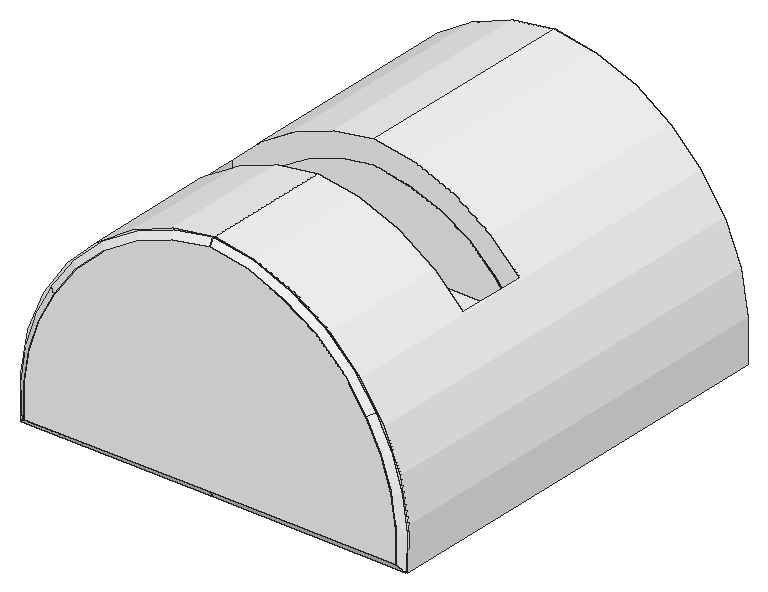
Revit family "Lighting_Outside_L&L-Luce&Light_Lyss-Mini-1.0", category Apparecchi per illuminazione, host Superficie, Revit 2016
Family settings
  Host = Superficie
  Tipo di parte = Normale
  Quota connettore circolare = Usa diametro
  Taglio con vuoti quando caricato = No
  Sorgente d'illuminazione = Sì
  Condiviso = No
  Punto di calcolo locali = No
Parameters (values of type "LYSS MINI 1.0 Y - 4000K 3W 24Vdc")
  Youtube clip = ""
  Weight Net (Kg) = "0.15"
  Wattage = 3 W
  Uniformat II Description = "Lighting & Branch Wiring"
  Uniformat II Code = "D5020"
  Uniclass 2015 Name = "Lighting"
  Uniclass 2015 Code = "EF_70_80"
  Uniclass 2.0 Description = "Lighting Systems"
  Uniclass 2.0 Code = "SS-70-80"
  Uniclass 1.4 Description = "Light beam systems"
  Uniclass 1.4 Code = "L762214"
  UNSPSC Code = "3911"
  Technical description = "https://www.lucelight.it/media/prodotti/st/ST_LYSS_MINI_10.pdf"
  Region South America = "AR, BO, BR, CL, CO, EC, FK, GF, GY, PE, PY, SR, UY, VE"
  Region Oceania = "AS, AU, CK, FJ, FM, GU, KI, MH, MP, NC, NF, NR, NU, NZ, PF, PG, PN, PW, SB, TK, TL, TO, TV, UM, WF, WS, VU"
  Region North America = "AG, AI, AW, BB, BL, BM, BQ, BS, BZ, CA, CR, CU, CW, DM, DO, GD, GL, GP, GT, HN, HT, JM, KN, KY, LC, MF, MQ, MS, MX, NI, PA, PM, PR, SV, SX, TC, TT, US, VC, VG, VI"
  Region Middle East = "AE, AF, BH, EG, IL, IQ, IR, JO, KW, LB, OM, PS, QA, SA, SY, TR, YE"
  Region Europe = "AD, AL, AT, AX, BA, BE, BG, BY, CH, CY, CZ, DE, DK, EE, ES, FI, FO, FR, GB, GG, GI, GR, HR, HU, IE, IM, IS, IT, JE, LI, LT, LU, LV, MC, MD, ME, MK, MT, NL, NO, PL, PT, RO, RS, RU, SE, SI, SJ, SK, SM, UA, VA"
  Region Asia = "AM, AZ, BD, BN, BT, CC, CN, CX, GE, HK, ID, IN, IO, JP, KG, KH, KP, KR, KZ, LA, LK, MM, MN, MO, MV, MY, NP, PH, PK, SG, TH, TJ, TM, TW, UZ, VN"
  Region Antarctica = "None"
  Region Africa = "AO, BF, BI, BJ, BW, CD, CF, CG, CI, CM, CV, DJ, DZ, EH, ER, ET, GA, GH, GM, GN, GQ, GW, KE, KM, LR, LS, LY, MA, MG, ML, MR, MU, MW, MZ, NA, NE, NG, RE, RW, SC, SD, SH, SL, SN, SO, SS, ST, SZ, TD, TG, TN, TZ, UG, YT, ZA, ZM, ZW"
  QR code = "http://bimobject.com/luce-and-light/product/Lyss_Mini_10"
  Product url = "http://www.lucelight.it/en/prodotto.php/8166"
  Product group = "Projector"
  Product family = "Outdoor"
  Product data url = "https://bimobject.com/luce-and-light/product/Lyss_Mini_10"
  Product certification = ""
  Product SKU = "Lyss_Mini_10"
  Product Guid = "b7caf8ab-1642-4458-9296-21c8c5999584"
  OmniClass Description = "Lighting Fixtures"
  OmniClass Code = "23-35 47 11"
  Nominal width = 62 mm
  Nominal height = 40 mm
  NBS Reference Description = "Lighting Systems"
  NBS Reference Code = "70-80"
  Material secondary = ""
  Material main = "Body in thermally conductive plastic"
  Masterformat 2014 Description = "Lighting"
  Masterformat 2014 Code = "26 50 00"
  Manufacturer name = "L&L Luce&Light"
  Manufacturer country = "Italy"
  Luce-Light_lumen-output-at-source = "246 lm (3000K)"
  Luce-Light_Total_flow_rate = "67 lm (3000K, 8°x160°)"
  Luce-Light_Screen_material = "ABS"
  Luce-Light_Rated_power_input = ""
  Luce-Light_Power_Class = "24Vdc"
  Luce-Light_Power = "3W"
  Luce-Light_Optical_assembly = "clear 8°x160°, satin 9°x160°"
  Luce-Light_Note = ""
  Luce-Light_Mounting = "surface mounted"
  Luce-Light_LED_light_sources = "1 power LED, 1/4 ANSI BIN, 50 000h L95 B10 (Ta 25°C)"
  Luce-Light_LED_light_intensity = ""
  Luce-Light_LED_colour = "2700K, 3000K, 4000K, Blue"
  Luce-Light_IP = "65"
  Luce-Light_IK = "07"
  Luce-Light_Finishes_material = "grey, cor-ten, anthracite, white"
  Luce-Light_Color_Rendering_Index_CRI = ">80"
  Luce-Light_Classification = "CE"
  Luce-Light_Body_material = "thermally conductive plastic"
  Luce-Light_Applications = "windowsill, arch, corners"
  Luce-Light_Accessories = "Angular base"
  Installation instructions = "https://www.lucelight.it/media/prodotti/si/DPRELM100_Lyss_Mini_10.pdf"
  IFC Classification = "Light Fixture"
  GTIN code = ""
  Edition number = 1
  Variazione temperatura colore lampada con luminosità attenuata = <Nessuno>
  URL = "https://www.lucelight.it/en/"
  built-in parameter 1150107 = 2700 (stored number, unit not read)
  Design country = "Italy"
  Default Elevation = 1219.2 mm
  Produttore = "L&L Luce&Light"
  built-in parameter 1150110 = 1 (stored number, unit not read)
  built-in parameter 1150109 = 1 (stored number, unit not read)
  Date of publishing = "12/19/2018"
  COBIe Type Category = ""
  Brand url = "https://www.lucelight.it/en/"
  built-in parameter 1114218 = 1 (stored number, unit not read)
  built-in parameter 1150112 = 1 (stored number, unit not read)
  Modello = "Lyss Mini 1.0"
  built-in parameter 1150137 = (empty or 0)
  built-in parameter 1150132 = (empty or 0)
  Lampada = "LED"
  built-in parameter 1150105 = 1332.4 (stored number, unit not read)
  built-in parameter 1150102 = (empty or 0)
  built-in parameter 1150106 = 13.324 (stored number, unit not read)
  Lumens = 445.626 lm
  Color Filter = 16777215
  File diagramma fotometrico = "LYSS MINI 1.0 Y [4000K 3W 24Vdc].IES"
  built-in parameter 1114217 = 1 (stored number, unit not read)
  built-in parameter 1150139 = (empty or 0)
  Emit from Line Length = 609.6 mm
  built-in parameter 1150104 = 13.8 (stored number, unit not read)
  built-in parameter 1150115 = 1 (stored number, unit not read)
  built-in parameter 1150114 = 1 (stored number, unit not read)
  built-in parameter 1150113 = 1 (stored number, unit not read)
  Description = ""
  Wattage Comments = ""
  built-in parameter 1150134 = (empty or 0)
  built-in parameter 1150138 = (empty or 0)
  built-in parameter 1114216 [instance] = 1 (stored number, unit not read)
  BIMobject main category code = "lighting"
  BIMobject main category = "Lighting"
  BIMobject category code = "lighting-outside"
  BIMobject category = "Outside"
  Assembly Code = ""
  Carico apparente = 3 VA
  Material = L&L Luce&Light  -Plastica ABS-Bianco
  Tilt Angle = 60.00°
  built-in parameter 1150133 = 10 (stored number, unit not read)
Types (6, lengths in mm): name | Brand url | File diagramma fotometrico
  LYSS MINI 1.0 Y - 2700K 3W 24Vdc | "https://www.lucelight.it/en/" | "LYSS MINI 1.0 Y [2700K 3W 24Vdc].IES"
  LYSS MINI 1.0 Y - 3000K 3W 24Vdc | "https://www.lucelight.it/en" | "LYSS MINI 1.0 Y [3000K 3W 24Vdc].IES"
  LYSS MINI 1.0 Y - 4000K 3W 24Vdc | "https://www.lucelight.it/en/" | "LYSS MINI 1.0 Y [4000K 3W 24Vdc].IES"
  LYSS MINI 1.0 Z - 2700K 3W 24Vdc | "https://www.lucelight.it/en/" | "LYSS MINI 1.0 Z [2700K 3W 24Vdc].IES"
  LYSS MINI 1.0 Z - 4000K 3W 24Vdc | "https://www.lucelight.it/en/" | "LYSS MINI 1.0 Z [4000K 3W 24Vdc].IES"
  LYSS MINI 1.0 Z - 3000K 3W 24Vdc | "https://www.lucelight.it/en/" | "LYSS MINI 1.0 Z [3000K 3W 24Vdc].IES"
Reference planes
  plane 1 "Centro (Fronte/Retro)": y = 0
  plane 2: z = 0
  plane 3 "Centro (Sinistra/Destra)": x = 0
Forms (mm)
  Sweep 1, solid, material "L&L Luce&Light  -Plastica ABS-Bianco" <- "Material"
    path origin (0, 0, 0) x (1, 0, 0) y (0, 1, 0)
      loop
        line (0, 1) -> (0, 74)
    profile origin (0, 37.5, 0) x (-1, 0, 0) y (0, 0, 1)
      loop
        arc (0, 40) -> (-25.242, 27.177) -> (-33.181, 0) r 35.657
        line (-33.181, 0) -> (-29.146, 0) -> (33.181, 0)
        arc (33.181, 0) -> (25.242, 27.177) -> (0, 40) r 35.657
      loop
        arc (0, 35.991) -> (-21.088, 25.853) -> (-29.453, 4) r 31.657
        line (-29.453, 4) -> (29.453, 4)
        arc (29.453, 4) -> (21.088, 25.853) -> (0, 35.991) r 31.657
  Extrusion 2, void
    sketch origin (43.152, -17.273, 0) x (0, -1, 0) y (1, 0, 0)
      loop
        line (-52.594, -67.568) -> (-40.489, -67.568) -> (-40.489, -18.152) -> (-52.594, -18.152) -> (-52.594, -67.568)
    from 7.153 to 250
  Sweep 3, solid, material "L&L Luce&Light  -Plastica ABS-Bianco" <- "Material"
    path origin (1.419, 0, -1.469) x (1, 0, 0) y (0, 0, 1)
      loop
        arc (-1.419, 40.344) -> (-16.896, 35.266) -> (-28.245, 23.582) r 34.063
        arc (-28.245, 23.582) -> (-32.572, 13.53) -> (-33.356, 2.614) r 32.844
        line (-33.356, 2.614) -> (-1.419, 2.614)
    profile origin (-15.969, 0, 1.145) x (0, 0, 1) y (0, -1, 0)
      loop
        line (0, 0) -> (-1.145, -0.863) -> (0, -0.863) -> (0, 0)
  Sweep 4, solid, material "L&L Luce&Light  -Plastica ABS-Bianco" <- "Material"
    path origin (-1.419, 0, -1.469) x (-1, 0, 0) y (0, 0, 1)
      loop
        arc (-1.419, 40.344) -> (-16.896, 35.266) -> (-28.245, 23.582) r 34.063
        arc (-28.245, 23.582) -> (-32.572, 13.53) -> (-33.356, 2.614) r 32.844
        line (-33.356, 2.614) -> (-1.419, 2.614)
    profile origin (15.969, 0, 1.145) x (0, 0, -1) y (0, -1, 0)
      loop
        line (0, 0) -> (0, -0.863) -> (1.145, -0.863) -> (0, 0)
  Extrusion 5, solid, material "L&L Luce&Light  -Plastica ABS-Bianco" <- "Material"
    sketch origin (0, 0, 0) x (1, 0, 0) y (0, 0, 1)
      loop
        arc (0, 38.875) -> (-15.476, 33.797) -> (-26.825, 22.113) r 34.063
        arc (-26.825, 22.113) -> (-31.153, 12.061) -> (-31.937, 1.145) r 32.844
        line (-31.937, 1.145) -> (0, 1.145) -> (31.937, 1.145)
        arc (31.937, 1.145) -> (31.153, 12.061) -> (26.825, 22.113) r 32.844
        arc (26.825, 22.113) -> (15.476, 33.797) -> (0, 38.875) r 34.063
    from -2.3 to 0
  Sweep 6, solid, material "L&L Luce&Light  -Plastica ABS-Bianco" <- "Material"
    path origin (-1.419, 74.863, -1.469) x (-1, 0, 0) y (0, 0, 1)
      loop
        arc (-1.419, 40.344) -> (-16.896, 35.266) -> (-28.245, 23.582) r 34.063
        arc (-28.245, 23.582) -> (-32.572, 13.53) -> (-33.356, 2.614) r 32.844
        line (-33.356, 2.614) -> (-1.419, 2.614)
    profile origin (15.969, 74.863, 1.145) x (0, 0, 1) y (0, 1, 0)
      loop
        line (0, 0) -> (-1.145, -0.863) -> (0, -0.863) -> (0, 0)
  Sweep 7, solid, material "L&L Luce&Light  -Plastica ABS-Bianco" <- "Material"
    path origin (1.419, 74.863, -1.469) x (1, 0, 0) y (0, 0, -1)
      loop
        arc (-1.419, -40.344) -> (-16.896, -35.266) -> (-28.245, -23.582) r 34.063
        arc (-28.245, -23.582) -> (-32.572, -13.53) -> (-33.356, -2.614) r 32.844
        line (-33.356, -2.614) -> (-1.419, -2.614)
    profile origin (-15.969, 74.863, 1.145) x (0, 0, -1) y (0, 1, 0)
      loop
        line (0, 0) -> (0, -0.863) -> (1.145, -0.863) -> (0, 0)
  Extrusion 8, solid, material "L&L Luce&Light  -Plastica ABS-Bianco" <- "Material"
    sketch origin (0, 0, 0) x (1, 0, 0) y (0, 0, 1)
      loop
        arc (26.825, 22.113) -> (15.476, 33.797) -> (0, 38.875) r 34.063
        arc (0, 38.875) -> (-15.476, 33.797) -> (-26.825, 22.113) r 34.063
        arc (-26.825, 22.113) -> (-31.153, 12.061) -> (-31.937, 1.145) r 32.844
        line (-31.937, 1.145) -> (0, 1.145) -> (31.937, 1.145)
        arc (31.937, 1.145) -> (31.153, 12.061) -> (26.825, 22.113) r 32.844
    from -74.863 to -72.428
  Extrusion 9, solid, material "L&L Luce&Light  -Plastica ABS-Bianco" <- "Material"
    sketch origin (0, 1, 0) x (1, 0, 0) y (0, 0, 1)
      loop
        line (-24.416, 21.548) -> (24.416, 21.548)
        arc (24.416, 21.548) -> (13.916, 31.658) -> (0, 35.991) r 31.657
        arc (0, 35.991) -> (-13.916, 31.658) -> (-24.416, 21.548) r 31.657
    from -37.764 to -34.321
  Extrusion 10, solid, material "L&L Luce&Light  -Plastica ABS-Bianco" <- "Material"
    sketch origin (0, 1, 0) x (1, 0, 0) y (0, 0, 1)
      loop
        line (-20.437, 26.54) -> (20.437, 26.54)
        arc (20.437, 26.54) -> (11.087, 33.144) -> (0, 35.991) r 31.657
        arc (0, 35.991) -> (-11.087, 33.144) -> (-20.437, 26.54) r 31.657
    from -22.216 to -17.626
Cuts and joins
  Extrusion 2 cuts Sweep 1
Dimensions and locks
  aligned and locked: plane 2 to host face
  aligned and locked: level to host face
Connectors
  electrical at (0, 37.5, 4)
    settings: on cut or joined group of Sweep 1, Extrusion 2, index 1, voltage 0 V, apparent load 0 VA, apparent load phase1 0 VA, apparent load phase2 0 VA, apparent load phase3 0 VA, power factor 1, load classification "Altro", number of poles 1, system type 31, power factor state 1, is connector primary yes, connector utility no, sub classification motor no, connector description ""
